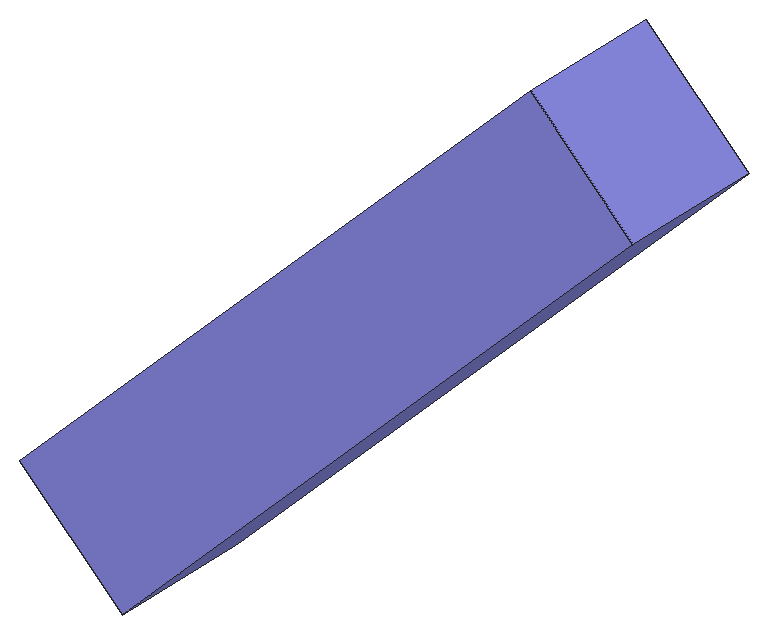
Revit family "配管サポート_角形鋼管(正方形)", category Generic Models, Revit 2023
Family settings
  Can host rebar = No
  Round Connector Dimension = Use Diameter
  Part Type = Normal
  Work Plane-Based = Yes
  Always vertical = No
  Cut with Voids When Loaded = No
  Maintain Annotation Orientation = No
  Shared = No
  Room Calculation Point = No
Parameters (values of type "100 x 100")
  高さ = 100 mm
  長辺 [instance] = 長さ  # 500 mm
  長さ [instance] = 500 mm
  部屋名 = ""
  角度 [instance] = 45.00°
  Default Elevation = 1219.2 mm
  構造マテリアル = E102_配管サポート
  幅 = 100 mm
Types (14, lengths in mm): name | 高さ | 幅
  100 x 100 | 100 | 100
  125 x 125 | 125 | 125
  150 x 150 | 150 | 150
  175 x 175 | 175 | 175
  200 x 200 | 200 | 200
  250 x 250 | 250 | 250
  300 x 300 | 300 | 300
  350 x 350 | 350 | 350
  40 x 40 | 40 | 40
  50 x 50 | 50 | 50
  60 x 60 | 60 | 60
  75 x 75 | 75 | 75
  80 x 80 | 80 | 80
  90 x 90 | 90 | 90
Reference planes
  plane 1 "中心(正面/背面)": y = 0
  plane 2: z = 0
  plane 3 "中心(左/右)": x = 0
Lines and regions (mm)
  reference lines
    curve 1: line (0, 0, 0) -> (806.102, 0, 806.102)
    curve 2: line (35.355, 0, -35.355) -> (-35.355, 0, 35.355)
    curve 3: line (388.909, 0, 318.198) -> (318.198, 0, 388.909)
Dimensions and locks
  equal spacing: curve 2, curve 1, curve 2
  "高さ": curve 2 to curve 2
  equal spacing: curve 3, curve 1, curve 3
  "高さ": curve 3 to curve 3
  "長さ": curve 2 to curve 3
  "角度": angle level to curve 1
  angle curve 2 to curve 1 = 90.00°
  angle curve 3 to curve 1 = 90.00°
  aligned and locked: level to plane 2
  aligned and locked: level to curve 1
  aligned and locked: plane 3 "中心(左/右)" to curve 1
  aligned and locked: curve 1 to nested 1
Nested families
  nested 1: "グレーチング_角形鋼管(正方形)" at (-35.355, 0, 35.355) x (0, 1, 0) z (0.7071, 0, -0.7071), 長さ <- "長さ", type "350 x 350"
    with 長辺 500 mm, 長さ 500 mm, 高さ 100 mm, 幅 100 mm
Definition of nested family "グレーチング_角形鋼管(正方形)"
  Parameters (values of type "350 x 350")
    高さ = 350 mm
    長辺 [instance] = 長さ  # 1000 mm
    長さ [instance] = 1000 mm
    部屋名 = ""
    Default Elevation = 1219.2 mm
    構造マテリアル = none
    幅 = 350 mm
  Reference planes
    plane 1 "中心(正面/背面)": y = 0
    plane 2: z = 0
    plane 3 "中心(左/右)": x = 0
    plane 4: z = 175
    plane 5: z = 350
  Forms (mm)
    Extrusion 1, solid, material <- "構造マテリアル"
      sketch origin (0, 0, 0) x (1, 0, 0) y (0, 1, 0)
        loop
          line (-175, 1000) -> (-175, 0) -> (175, 0) -> (175, 1000) -> (-175, 1000)
      from 0 to 350
  Lines and regions (mm)
    reference lines
      curve 1: line (175, 1000, 0) -> (-175, 1000, 0)
      curve 2: line (175, 0, 0) -> (-175, 0, 0)
  Dimensions and locks
    "長さ": curve 1 to curve 2
    "幅": Extrusion 1 to Extrusion 1
    equal spacing: Extrusion 1, plane 3 "中心(左/右)", Extrusion 1
    "幅": curve 1 to curve 1
    equal spacing: curve 1, plane 3 "中心(左/右)", curve 1
    "幅": curve 2 to curve 2
    equal spacing: curve 2, plane 3 "中心(左/右)", curve 2
    equal spacing: plane 5, plane 4, level
    "高さ": plane 5 to level
    aligned and locked: level to plane 2
    aligned and locked: Extrusion 1 to curve 2
    aligned and locked: curve 1 to Extrusion 1
    aligned and locked: plane 5 to Extrusion 1
  Automatic sketch dimensions
    Extrusion 1 sketch curve to plane 3 "中心(左/右)" = 175 mm
    plane 3 "中心(左/右)" to Extrusion 1 sketch curve = 175 mm
    plane 1 "中心(正面/背面)" to Extrusion 1 sketch curve = 0 mm
    Extrusion 1 sketch curve to plane 1 "中心(正面/背面)" = 1000 mm
    plane 1 "中心(正面/背面)" to curve 2 = 0 mm
